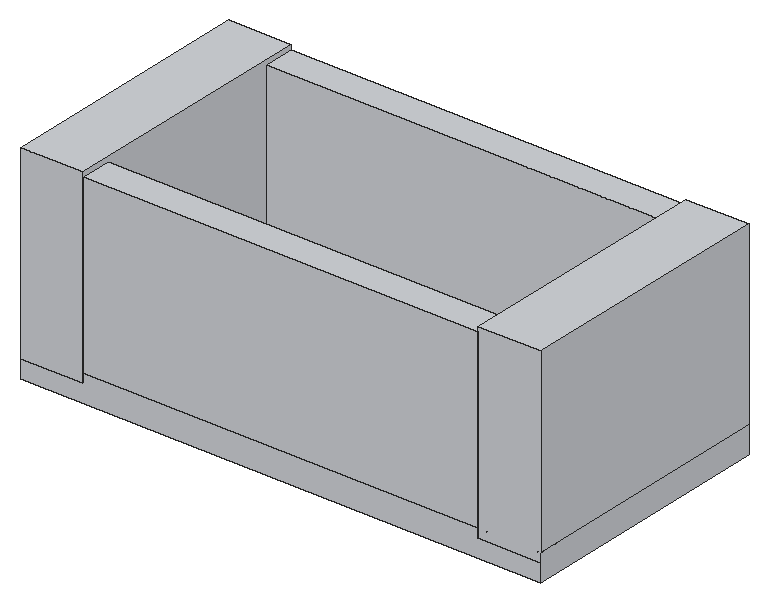
Revit family "GIS_CableTrench", category Modelos genéricos, Revit 2027
Family settings
  Pode hospedar o vergalhão = Não
  Cota do conector redondo = Utilizar diâmetro
  Tipo de parte = Normal
  Com base no plano de trabalho = Não
  Sempre na vertical = Sim
  Corte com vazios quando carregada = Não
  Manter orientação da anotação = Não
  Compartilhado = Não
  Ponto de cálculo do ambiente = Não
Parameters (values of type "CABLE_TRENCH_STUDY")
  Elevação padrão = 0 mm
  BIM_TensaoSecundaria_kV = 0
  BIM_TensaoNominal_kV = 0
  BIM_TensaoClasse_kV = 0
  BIM_TensaoClasseSecundaria_kV = 0
  BIM_TensaoAuxiliarCA_kV = 0
  BIM_Sistema_Elemento [instance] = ""
  BIM_ReferenciaCatalogo = "Portfolio estimate; cable count and civil design pending"
  BIM_Profundidade = 750 mm
  BIM_Potencia_MVA = 0
  BIM_Localizacao [instance] = ""
  BIM_Largura = 1500 mm
  BIM_Impedancia_pu = 0
  BIM_FonteGeometria = "Portfolio estimate; cable count and civil design pending"
  BIM_Fabricante = "NAO SELECIONADO"
  BIM_EstadoGeometria = "ESTIMATED"
  BIM_EstadoEspecificacao = "PREMISSA / NAO SELECIONADO"
  BIM_DescricaoEstudo = "Modulo de canaleta de cabos; ocupacao, segregacao e drenagem pendentes."
  BIM_CorrenteReferenciaSecundaria_A = 0
  BIM_CorrenteNominal_A = 0
  BIM_Bay [instance] = ""
  BIM_AlturaCorpoPrincipal = 78 mm
  BIM_Altura = 650 mm
Reference planes
  plane 1 "Centro (Frente/Trás)": y = 0
  plane 2: z = 0
  plane 3 "Centro (Esquerda/Direita)": x = 0
  plane 4 "BIM Left": x = -750
  plane 5 "BIM Right": x = 750
  plane 6 "BIM Front": y = -375
  plane 7 "BIM Back": y = 375
Forms (mm)
  Extrusion 1, solid
    sketch origin (0, 0, 0) x (1, 0, 0) y (0, 1, 0)
      loop
        line (-750, -375) -> (750, -375) -> (750, 375) -> (-750, 375) -> (-750, -375)
    from 0 to 78 <- "BIM_AlturaCorpoPrincipal"
  Extrusion 2, solid
    sketch origin (0, 0, 52) x (1, 0, 0) y (0, 1, 0)
      loop
        line (-750, -375) -> (-570, -375) -> (-570, 375) -> (-750, 375) -> (-750, -375)
    from 0 to 546
  Extrusion 3, solid
    sketch origin (0, 0, 52) x (1, 0, 0) y (0, 1, 0)
      loop
        line (570, -375) -> (750, -375) -> (750, 375) -> (570, 375) -> (570, -375)
    from 0 to 546
  Extrusion 4, solid
    sketch origin (0, 0, 52) x (1, 0, 0) y (0, 1, 0)
      loop
        line (-570, -375) -> (570, -375) -> (570, -285) -> (-570, -285) -> (-570, -375)
    from 0 to 533
  Extrusion 5, solid
    sketch origin (0, 0, 52) x (1, 0, 0) y (0, 1, 0)
      loop
        line (-570, 285) -> (570, 285) -> (570, 375) -> (-570, 375) -> (-570, 285)
    from 0 to 533
Dimensions and locks
  "BIM_Largura": plane 4 "BIM Left" to plane 5 "BIM Right"
  "BIM_Profundidade": plane 6 "BIM Front" to plane 7 "BIM Back"
  aligned and locked: level to plane 2
  aligned and locked: plane 4 "BIM Left" to Extrusion 1
  aligned and locked: Extrusion 1 to plane 5 "BIM Right"
  aligned and locked: Extrusion 1 to plane 6 "BIM Front"
  aligned and locked: plane 7 "BIM Back" to Extrusion 1
Automatic sketch dimensions
  Extrusion 1 sketch curve to plane 4 "BIM Left" = 0 mm
  Extrusion 1 sketch curve to plane 5 "BIM Right" = 0 mm
  Extrusion 1 sketch curve to plane 6 "BIM Front" = 0 mm
  Extrusion 1 sketch curve to plane 7 "BIM Back" = 0 mm
  Extrusion 2 sketch curve to plane 4 "BIM Left" = 0 mm
  Extrusion 2 sketch curve to plane 7 "BIM Back" = 0 mm
  Extrusion 2 sketch curve to plane 6 "BIM Front" = 0 mm
  Extrusion 2 sketch curve to plane 4 "BIM Left" = 180 mm
  Extrusion 3 sketch curve to plane 6 "BIM Front" = 0 mm
  Extrusion 3 sketch curve to plane 7 "BIM Back" = 0 mm
  Extrusion 3 sketch curve to plane 5 "BIM Right" = 0 mm
  plane 5 "BIM Right" to Extrusion 3 sketch curve = 180 mm
  Extrusion 4 sketch curve to plane 6 "BIM Front" = 0 mm
  Extrusion 4 sketch curve to plane 4 "BIM Left" = 180 mm
  plane 5 "BIM Right" to Extrusion 4 sketch curve = 180 mm
  plane 6 "BIM Front" to Extrusion 4 sketch curve = 90 mm
  Extrusion 5 sketch curve to plane 7 "BIM Back" = 0 mm
  Extrusion 5 sketch curve to plane 4 "BIM Left" = 180 mm
  plane 5 "BIM Right" to Extrusion 5 sketch curve = 180 mm
  Extrusion 5 sketch curve to plane 7 "BIM Back" = 90 mm
